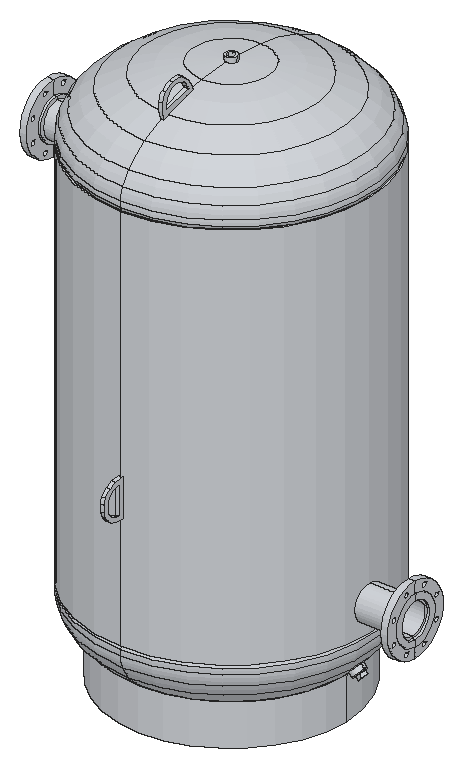
Revit family "HBT-300-4", category Generic Models, Revit 2014
Parameters (values of type "HBT-300- 4")
  URL = "http://westank.com/"
  Tank Volume = 300.00 gal
  Part Number = 55623000
  Model = "HBT-300-4"
  Maximum Shipping Weight = 781 lbf
  Flange Connector Diameter = 4"
  F = 30"
  E = 16 1/2"
  Description = "Description - Wessels ASME 2-Port Hot Water Buffer Tanks (HBT) are designed for use with today’s high efficiency systems that incorporate small modular low-mass boiler."
  D = 15"
  C = 44"
  B = 72"
  A = 36"
Reference planes (in)
  plane 1 "Center (Front/Back)": y = 0
  plane 2: z = 0
  plane 3 "Center (Left/Right)": x = 0
  plane 4: x = -15
  plane 5: x = 15
  plane 6: z = 0
  plane 7: z = 72
  plane 8: x = -18
  plane 9: x = 18
  plane 10: z = 16.5
  plane 11: z = 57
  plane 12: x = -22
  plane 13: x = 22
Forms (in)
  Revolve 1, solid
    sketch origin (0, -0.02461, 0) x (0, 1, 0) y (0, 0, 1)
      loop
        line (-17.97559, 11.40987) -> (-17.77585, 11.40987)
        arc (-17.77585, 11.40987) -> (-17.77901, 11.38745) -> (-17.78675, 11.36617) r 0.10832
        line (-17.78675, 11.36617) -> (-17.97559, 10.97899)
        arc (-17.97559, 10.97899) -> (-17.97692, 10.6034) -> (-17.93634, 10.23002) r 3.36112
        arc (-17.93634, 10.23002) -> (-17.83534, 9.45516) -> (-17.56075, 8.72359) r 3.4127
        arc (-17.56075, 8.72359) -> (-17.14884, 7.91952) -> (-16.63227, 7.17835) r 6.68364
        arc (-16.63227, 7.17835) -> (-15.41449, 5.9118) -> (-13.99078, 4.88214) r 9.83519
        arc (-13.99078, 4.88214) -> (-12.33964, 3.99029) -> (-10.62031, 3.23825) r 22.63963
        arc (-10.62031, 3.23825) -> (-7.74153, 2.33452) -> (-4.76815, 1.82164) r 22.63963
        arc (-4.76815, 1.82164) -> (-2.37465, 1.61295) -> (0.02461, 1.4865) r 70.02787
        line (0.02461, 1.4865) -> (0.02461, 1.65848)
        arc (0.02461, 1.65848) -> (-2.3657, 1.78462) -> (-4.75028, 1.99258) r 69.85599
        arc (-4.75028, 1.99258) -> (-7.70109, 2.50157) -> (-10.55801, 3.39844) r 22.46775
        arc (-10.55801, 3.39844) -> (-12.26429, 4.14477) -> (-13.9029, 5.02985) r 22.46775
        arc (-13.9029, 5.02985) -> (-15.30173, 6.04151) -> (-16.49823, 7.28593) r 9.66331
        arc (-16.49823, 7.28593) -> (-17.00303, 8.01057) -> (-17.40515, 8.79685) r 6.51177
        arc (-17.40515, 8.79685) -> (-17.66943, 9.50016) -> (-17.76465, 10.24543) r 3.24083
        arc (-17.76465, 10.24543) -> (-17.80397, 10.58906) -> (-17.80585, 10.93493) r 3.18924
        line (-17.80585, 10.93493) -> (-17.63227, 11.29083)
        arc (-17.63227, 11.29083) -> (-17.60804, 11.35818) -> (-17.59889, 11.42917) r 0.33041
        line (-17.59889, 11.42917) -> (-17.80365, 11.42917) -> (-17.80365, 62.07314) -> (-17.59889, 62.07314)
        arc (-17.59889, 62.07314) -> (-17.60804, 62.14413) -> (-17.63227, 62.21149) r 0.33041
        line (-17.63227, 62.21149) -> (-17.80585, 62.56739)
        arc (-17.80585, 62.56739) -> (-17.80397, 62.91325) -> (-17.76465, 63.25688) r 3.18924
        arc (-17.76465, 63.25688) -> (-17.66943, 64.00215) -> (-17.40515, 64.70547) r 3.24083
        arc (-17.40515, 64.70547) -> (-17.00303, 65.49175) -> (-16.49823, 66.21639) r 6.51177
        arc (-16.49823, 66.21639) -> (-15.30173, 67.4608) -> (-13.9029, 68.47247) r 9.66331
        arc (-13.9029, 68.47247) -> (-12.26429, 69.35755) -> (-10.55801, 70.10388) r 22.46775
        arc (-10.55801, 70.10388) -> (-7.70109, 71.00074) -> (-4.75028, 71.50973) r 22.46775
        arc (-4.75028, 71.50973) -> (-2.3657, 71.71769) -> (0.02461, 71.84383) r 69.85599
        line (0.02461, 71.84383) -> (0.02461, 72.01582)
        arc (0.02461, 72.01582) -> (-2.37465, 71.88936) -> (-4.76815, 71.68068) r 70.02787
        arc (-4.76815, 71.68068) -> (-7.74153, 71.16779) -> (-10.62031, 70.26407) r 22.63963
        arc (-10.62031, 70.26407) -> (-12.33964, 69.51203) -> (-13.99078, 68.62018) r 22.63963
        arc (-13.99078, 68.62018) -> (-15.41449, 67.59052) -> (-16.63227, 66.32397) r 9.83519
        arc (-16.63227, 66.32397) -> (-17.14884, 65.58279) -> (-17.56075, 64.77872) r 6.68364
        arc (-17.56075, 64.77872) -> (-17.83534, 64.04715) -> (-17.93634, 63.2723) r 3.4127
        arc (-17.93634, 63.2723) -> (-17.97692, 62.89891) -> (-17.97559, 62.52332) r 3.36112
        line (-17.97559, 62.52332) -> (-17.78675, 62.13614)
        arc (-17.78675, 62.13614) -> (-17.77901, 62.11486) -> (-17.77585, 62.09244) r 0.10832
        line (-17.77585, 62.09244) -> (-17.97559, 62.09244) -> (-17.97559, 11.40987)
      axis (0.02461, 1.4865) -> (0.02461, 72.01582)
    angle from 0 to 360
  Revolve 2, solid
    sketch origin (1.3301, 0, 3.24654) x (0.990017, 0, -0.140951) y (0.140951, 0, 0.990017)
      loop
        line (14.71753, 6.11956) -> (14.66586, 6.1556) -> (14.25436, 5.56561) -> (14.86992, 5.13627) -> (15.24588, 5.6753) -> (15.19462, 5.71106) -> (15.31904, 5.88945) -> (14.80641, 6.24699) -> (14.71753, 6.11956)
      axis (14.25436, 5.56561) -> (14.86992, 5.13627)
    angle from 0 to 360
  Extrusion 3, solid
    sketch origin (16.3437, -180, 7.27869) x (0.681658, 0, 0.731671) y (0, -1, 0)
      loop
        line (-0.16036, -179.52645) -> (-0.95521, -179.68698) -> (-0.79485, -180.48095) -> (0, -180.32042) -> (-0.16036, -179.52645)
    from 1.02698 to 1.52678
  Extrusion 4, solid
    sketch origin (0, -6.04905, 4.9833) x (0, 1, 0) y (0, 0, 1)
      loop
        line (-11.93439, 21.33067) -> (-11.93439, 26.202)
        arc (-11.93439, 26.202) -> (-12.47846, 26.15164) -> (-13.01533, 26.05008) r 5.77422
        arc (-13.01533, 26.05008) -> (-13.49297, 25.89754) -> (-13.94252, 25.67548) r 3.35288
        arc (-13.94252, 25.67548) -> (-14.34081, 25.36666) -> (-14.64962, 24.96837) r 2.0073
        arc (-14.64962, 24.96837) -> (-14.80343, 24.58932) -> (-14.88788, 24.18906) r 2.30742
        arc (-14.88788, 24.18906) -> (-14.91277, 23.77188) -> (-14.88788, 23.3547) r 3.50846
        arc (-14.88788, 23.3547) -> (-14.79412, 22.92876) -> (-14.61961, 22.52904) r 2.24053
        arc (-14.61961, 22.52904) -> (-14.27401, 22.08806) -> (-13.80999, 21.77406) r 1.8078
        arc (-13.80999, 21.77406) -> (-13.34321, 21.55591) -> (-12.84107, 21.44044) r 2.44481
        arc (-12.84107, 21.44044) -> (-12.39043, 21.36326) -> (-11.93439, 21.33067) r 4.65484
      loop
        arc (-12.44611, 25.63929) -> (-12.67227, 25.60073) -> (-12.89654, 25.55235) r 5.2625
        arc (-12.89654, 25.55235) -> (-13.30128, 25.42308) -> (-13.68221, 25.23491) r 2.84116
        arc (-13.68221, 25.23491) -> (-13.97364, 25.01013) -> (-14.20134, 24.72098) r 1.49558
        arc (-14.20134, 24.72098) -> (-14.3163, 24.43235) -> (-14.37979, 24.12821) r 1.7957
        arc (-14.37979, 24.12821) -> (-14.40106, 23.77188) -> (-14.37979, 23.41555) r 2.99674
        arc (-14.37979, 23.41555) -> (-14.30745, 23.08689) -> (-14.17279, 22.77846) r 1.72881
        arc (-14.17279, 22.77846) -> (-13.91552, 22.45353) -> (-13.56884, 22.22643) r 1.29608
        arc (-13.56884, 22.22643) -> (-13.1779, 22.0402) -> (-12.75531, 21.94566) r 1.9331
        arc (-12.75531, 21.94566) -> (-12.60126, 21.91347) -> (-12.44611, 21.88716) r 4.14312
        line (-12.44611, 21.88716) -> (-12.44611, 25.63929)
    from -0.24366 to 0.25634
  Extrusion 5, solid
    sketch origin (0, -28.53332, 53.09576) x (0, 0.284015, -0.95882) y (0, 0.95882, 0.284015)
      loop
        arc (-11.9298, 25.67102) -> (-12.15596, 25.63246) -> (-12.38023, 25.58408) r 5.2625
        arc (-12.38023, 25.58408) -> (-12.78497, 25.45482) -> (-13.16591, 25.26664) r 2.84116
        arc (-13.16591, 25.26664) -> (-13.45733, 25.04186) -> (-13.68503, 24.75271) r 1.49558
        arc (-13.68503, 24.75271) -> (-13.8, 24.46408) -> (-13.86349, 24.15994) r 1.7957
        arc (-13.86349, 24.15994) -> (-13.88475, 23.80361) -> (-13.86349, 23.44728) r 2.99674
        arc (-13.86349, 23.44728) -> (-13.79114, 23.11862) -> (-13.65649, 22.81019) r 1.72881
        arc (-13.65649, 22.81019) -> (-13.39922, 22.48527) -> (-13.05253, 22.25816) r 1.29608
        arc (-13.05253, 22.25816) -> (-12.66159, 22.07193) -> (-12.239, 21.97739) r 1.9331
        arc (-12.239, 21.97739) -> (-12.08496, 21.94521) -> (-11.9298, 21.91889) r 4.14312
        line (-11.9298, 21.91889) -> (-11.9298, 25.67102)
      loop
        line (-11.1798, 21.34267) -> (-11.1798, 26.18132)
        arc (-11.1798, 26.18132) -> (-12.12256, 26.16802) -> (-13.02719, 25.90227) r 3.48194
        arc (-13.02719, 25.90227) -> (-13.54727, 25.6041) -> (-13.99851, 25.20943) r 3.03185
        arc (-13.99851, 25.20943) -> (-14.28248, 24.55653) -> (-14.39992, 23.8543) r 2.91879
        arc (-14.39992, 23.8543) -> (-14.3348, 23.1787) -> (-14.08611, 22.54717) r 2.44012
        arc (-14.08611, 22.54717) -> (-13.716, 22.08641) -> (-13.21844, 21.76749) r 1.83162
        arc (-13.21844, 21.76749) -> (-12.2207, 21.45151) -> (-11.1798, 21.34267) r 5.1769
    from -0.24366 to 0.25634
  Extrusion 6, solid
    sketch origin (0, 0, 0) x (1, 0, 0) y (0, 1, 0)
      loop
        circle (0, 0) r 0.75
      loop
        circle (0, 0) r 0.5
    from 71.36613 to 72.49354
  Extrusion 7, void
    sketch origin (0, 0, 0) x (1, 0, 0) y (0, 1, 0)
      loop
        circle (0, 0) r 0.5
    from 70.90268 to 73.75579
  Revolve 8, solid
    sketch origin (0, 0, 0) x (1, 0, 0) y (0, 0, 1)
      loop
        line (14.82824, 5.43485) -> (14.82824, 0) -> (15, 0) -> (15, 5.43485) -> (14.82824, 5.43485)
      axis (0, 5.43485) -> (0, 0)
    angle from 0 to 360
  Extrusion 9, void
    sketch origin (0, 0, 0.25) x (0, 1, 0) y (0, 0, 1)
      loop
        circle (0, 56.75) r 2.013
    from -21.98599 to -13.85333
  Revolve 10, solid
    sketch origin (3.00177, 0, 2.00063) x (1, 0, 0) y (0, 0, 1)
      loop
        line (19.69342, 10.71448) -> (19.69342, 10.34302) -> (20.06842, 10.34302) -> (20.06842, 8.49937) -> (20.94342, 8.49937) -> (20.94342, 9.90557) -> (21.00592, 9.90557) -> (21.00592, 10.71448) -> (19.69342, 10.71448)
      axis (21.00592, 12.99938) -> (19.69342, 12.99938)
    angle from 0 to 360
  Revolve 11, solid
    sketch origin (3.60333, 0, 2.00258) x (-1, 0, 0) y (0, 0, 1)
      loop
        line (-13.77936, 10.98442) -> (-20.02936, 10.98442) -> (-20.02936, 10.74742) -> (-13.77936, 10.74742) -> (-13.77936, 10.98442)
      axis (-20.02936, 12.99742) -> (-13.77936, 12.99742)
    angle from 0 to 360
  Extrusion 12, void
    sketch origin (3.60333, 0.13917, 2.42009) x (0, 1, 0) y (0, 0, 1)
      loop
        circle (1.31209, 58.07334) r 0.39628
      loop
        circle (-1.59752, 58.05239) r 0.35446
      loop
        circle (-3.60064, 56.02885) r 0.37196
      loop
        circle (-3.60176, 53.15581) r 0.37384
      loop
        circle (-1.57745, 51.12459) r 0.38013
      loop
        circle (1.29991, 51.12707) r 0.36478
      loop
        circle (3.30375, 53.14031) r 0.36548
      loop
        circle (3.3087, 55.99586) r 0.3746
    from -29.12339 to -22.58932
  Revolve 13, solid
    sketch origin (-2.98639, 0, 44.00063) x (-1, 0, 0) y (0, 0, 1)
      loop
        line (19.69342, 10.71448) -> (19.69342, 10.34302) -> (20.06842, 10.34302) -> (20.06842, 8.49937) -> (20.94342, 8.49937) -> (20.94342, 9.90557) -> (21.00592, 9.90557) -> (21.00592, 10.71448) -> (19.69342, 10.71448)
      axis (21.00592, 12.99938) -> (19.69342, 12.99938)
    angle from 0 to 360
  Revolve 14, solid
    sketch origin (-3.58795, 0, 44.00258) x (1, 0, 0) y (0, 0, 1)
      loop
        line (-13.77936, 10.98442) -> (-20.02936, 10.98442) -> (-20.02936, 10.74742) -> (-13.77936, 10.74742) -> (-13.77936, 10.98442)
      axis (-20.02936, 12.99742) -> (-13.77936, 12.99742)
    angle from 0 to 360
  Extrusion 15, void
    sketch origin (0, 0, -41.75) x (0, 1, 0) y (0, 0, 1)
      loop
        circle (0, 56.75) r 2.013
    from 8.41111 to 31.01401
  Extrusion 16, void
    sketch origin (3.60333, 0.13917, -39.57991) x (0, 1, 0) y (0, 0, 1)
      loop
        circle (1.31209, 58.07334) r 0.39628
      loop
        circle (-1.59752, 58.05239) r 0.35446
      loop
        circle (-3.60064, 56.02885) r 0.37196
      loop
        circle (-3.60176, 53.15581) r 0.37384
      loop
        circle (-1.57745, 51.12459) r 0.38013
      loop
        circle (1.29991, 51.12707) r 0.36478
      loop
        circle (3.30375, 53.14031) r 0.36548
      loop
        circle (3.3087, 55.99586) r 0.3746
    from 15.80097 to 22.39667
Cuts and joins
  joined: Extrusion 3, Extrusion 4, Extrusion 5, Extrusion 6, Revolve 8
  Extrusion 7, Extrusion 9, Extrusion 12, Extrusion 15 cuts Revolve 1
  Extrusion 15 cuts Revolve 14
  Extrusion 12 cuts Revolve 13
  Extrusion 16 cuts Revolve 10
Dimensions and locks (in)
  "B": plane 7 to plane 6
  "A": plane 9 to plane 8
  equal spacing: plane 12, plane 3 "Center (Left/Right)", plane 13
  "C": plane 12 to plane 13
  "E": plane 10 to plane 6
  "D": plane 7 to plane 11
  "F": plane 5 to plane 4
  aligned and locked: plane 2 to level
Automatic sketch dimensions
  Revolve 1 sketch curve to Revolve 1 sketch curve = 0"  (x56)
  Revolve 1 sketch curve to plane 1 "Center (Front/Back)" = 0"  (x3)
  plane 1 "Center (Front/Back)" to Revolve 1 sketch curve = 2.43969"  (x2)
  Revolve 1 sketch curve to plane 10 = 3.16549"
  plane 1 "Center (Front/Back)" to Revolve 1 sketch curve = 8.98663"  (x2)
  plane 11 to Revolve 1 sketch curve = 3.16781"
  Revolve 1 sketch curve to Revolve 1 sketch curve = 2.45782"  (x2)
  Revolve 1 sketch curve to Revolve 1 sketch curve = 3.10417"  (x2)
  Revolve 1 sketch curve to Revolve 1 sketch curve = 0.0964"  (x2)
  Revolve 1 sketch curve to Revolve 1 sketch curve = 2.97849"  (x2)
  plane 11 to Revolve 1 sketch curve = 5.21149"
  Revolve 1 sketch curve to Revolve 1 sketch curve = 0.03338"  (x2)
  Revolve 1 sketch curve to plane 10 = 5.20917"
  Revolve 1 sketch curve to Revolve 1 sketch curve = 0.17696"  (x2)
  Revolve 1 sketch curve to plane 10 = 5.13383"
  Revolve 1 sketch curve to Revolve 1 sketch curve = 0.0109"  (x2)
  plane 11 to Revolve 1 sketch curve = 5.13614"
  Revolve 1 sketch curve to Revolve 1 sketch curve = 0.0278"
  plane 11 to Revolve 1 sketch curve = 5.56739"
  Revolve 1 sketch curve to Revolve 1 sketch curve = 0.17358"  (x2)
  Revolve 1 sketch curve to plane 10 = 5.56507"
  Revolve 1 sketch curve to Revolve 1 sketch curve = 0.08045"  (x2)
  Revolve 1 sketch curve to Revolve 1 sketch curve = 0.04514"  (x2)
  Revolve 1 sketch curve to Revolve 1 sketch curve = 0.04635"
  Revolve 1 sketch curve to plane 10 = 5.52101"
  Revolve 1 sketch curve to Revolve 1 sketch curve = 0.16974"  (x2)
  plane 11 to Revolve 1 sketch curve = 5.52332"
  Revolve 1 sketch curve to plane 7 = 0.52976"
  Revolve 1 sketch curve to plane 1 "Center (Front/Back)" = 2.48565"  (x2)
  Revolve 1 sketch curve to Revolve 1 sketch curve = 0.51151"
  Revolve 1 sketch curve to Revolve 1 sketch curve = 0.49854"  (x2)
  level to Revolve 1 sketch curve = 2.03208"
  level to Revolve 1 sketch curve = 1.65848"
  Revolve 1 sketch curve to Revolve 1 sketch curve = 0.17198"
  Revolve 1 sketch curve to Revolve 1 sketch curve = 1 249/256"  (x2)
  Revolve 1 sketch curve to Revolve 1 sketch curve = 0.0437"
  Revolve 1 sketch curve to Revolve 1 sketch curve = 0.0193"
  plane 10 to Revolve 1 sketch curve = 7.83865"
  Revolve 1 sketch curve to plane 11 = 7.83634"
  Revolve 1 sketch curve to Revolve 1 sketch curve = 0.0695"
  Revolve 1 sketch curve to Revolve 1 sketch curve = 0.02202"
  Revolve 1 sketch curve to Revolve 1 sketch curve = 0.64986"
  Revolve 1 sketch curve to plane 7 = 0.15617"
  plane 7 to Revolve 1 sketch curve = 0.01582"
  Revolve 1 sketch curve to plane 7 = 1.89612"
  level to Revolve 1 sketch curve = 3 51/128"
  Revolve 1 sketch curve to Revolve 1 sketch curve = 0.06229"  (x2)
  Revolve 1 sketch curve to Revolve 1 sketch curve = 0.90692"  (x2)
  Revolve 1 sketch curve to Revolve 1 sketch curve = 0.1556"  (x2)
  Revolve 1 sketch curve to Revolve 1 sketch curve = 4.55443"
  Revolve 1 sketch curve to Revolve 1 sketch curve = 3 3/4"
  plane 5 to Revolve 2 sketch curve = 1.22663"
  level to Revolve 2 sketch curve = 6.74742"
  Revolve 2 sketch curve to Revolve 2 sketch curve = 0.4115"
  Revolve 2 sketch curve to Revolve 2 sketch curve = 0.05167"
  Revolve 2 sketch curve to Revolve 2 sketch curve = 0.08888"
  Revolve 2 sketch curve to Revolve 2 sketch curve = 0.61556"
  Revolve 2 sketch curve to Revolve 2 sketch curve = 0.47709"
  Revolve 2 sketch curve to Revolve 2 sketch curve = 0.05126"
  Revolve 2 sketch curve to Revolve 2 sketch curve = 0.42934"
  Revolve 2 sketch curve to Revolve 2 sketch curve = 0.12768"
  Revolve 2 sketch curve to Revolve 2 sketch curve = 0"  (x2)
  Revolve 2 sketch curve to Revolve 2 sketch curve = 0.08905"
  plane 1 "Center (Front/Back)" to Extrusion 3 sketch curve = 0.31302"
  Extrusion 3 sketch curve to plane 1 "Center (Front/Back)" = 0.48095"
  Extrusion 3 sketch curve to Extrusion 3 sketch curve = 0.16036"  (x2)
  plane 1 "Center (Front/Back)" to Extrusion 3 sketch curve = 0.47355"
  Extrusion 3 sketch curve to Extrusion 3 sketch curve = 0.79485"
  Extrusion 3 sketch curve to plane 1 "Center (Front/Back)" = 0.32042"
  Extrusion 4 sketch curve to Extrusion 4 sketch curve = 0"  (x24)
  plane 1 "Center (Front/Back)" to Extrusion 4 sketch curve = 19.09014"
  Extrusion 4 sketch curve to Extrusion 4 sketch curve = 0.11966"
  Extrusion 4 sketch curve to Extrusion 4 sketch curve = 0.25819"
  Extrusion 4 sketch curve to Extrusion 4 sketch curve = 17/256"
  Extrusion 4 sketch curve to Extrusion 4 sketch curve = 0.04958"
  Extrusion 4 sketch curve to Extrusion 4 sketch curve = 0.15073"
  Extrusion 4 sketch curve to Extrusion 4 sketch curve = 0.20915"
  Extrusion 4 sketch curve to Extrusion 4 sketch curve = 131/256"
  Extrusion 4 sketch curve to Extrusion 4 sketch curve = 0.10338"
  Extrusion 4 sketch curve to Extrusion 4 sketch curve = 0.25955"
  Extrusion 4 sketch curve to Extrusion 4 sketch curve = 1.14294"
  plane 10 to Extrusion 4 sketch curve = 8.91692"
  Extrusion 4 sketch curve to Extrusion 4 sketch curve = 0.89706"
  Extrusion 4 sketch curve to Extrusion 4 sketch curve = 0.55648"
  Extrusion 4 sketch curve to Extrusion 4 sketch curve = 0.90165"
  Extrusion 4 sketch curve to Extrusion 4 sketch curve = 0.62139"
  Extrusion 4 sketch curve to Extrusion 4 sketch curve = 27/128"
  Extrusion 4 sketch curve to Extrusion 4 sketch curve = 0.15076"
  Extrusion 4 sketch curve to Extrusion 4 sketch curve = 0.24641"
  Extrusion 4 sketch curve to Extrusion 4 sketch curve = 0.04716"
  Extrusion 4 sketch curve to Extrusion 4 sketch curve = 0.0326"
  Extrusion 4 sketch curve to Extrusion 4 sketch curve = 1.7246"
  Extrusion 4 sketch curve to Extrusion 4 sketch curve = 0.34507"
  Extrusion 4 sketch curve to Extrusion 4 sketch curve = 0.21764"
  Extrusion 4 sketch curve to Extrusion 4 sketch curve = 1.12273"
  Extrusion 4 sketch curve to Extrusion 4 sketch curve = 0.78568"
  Extrusion 4 sketch curve to Extrusion 4 sketch curve = 0.24115"
  Extrusion 4 sketch curve to Extrusion 4 sketch curve = 0.2603"
  Extrusion 4 sketch curve to Extrusion 4 sketch curve = 0.60395"
  Extrusion 4 sketch curve to Extrusion 4 sketch curve = 0.51913"
  Extrusion 4 sketch curve to Extrusion 4 sketch curve = 0.44682"
  Extrusion 4 sketch curve to Extrusion 4 sketch curve = 0.44829"
  Extrusion 6 sketch curve to Extrusion 6 sketch curve = 0"  (x2)
  plane 1 "Center (Front/Back)" to Extrusion 6 sketch curve = 0"
  Extrusion 6 sketch curve to plane 3 "Center (Left/Right)" = 0"
  Extrusion 7 sketch curve to Extrusion 7 sketch curve = 0"  (x2)
  plane 1 "Center (Front/Back)" to Extrusion 7 sketch curve = 0"
  Extrusion 7 sketch curve to plane 3 "Center (Left/Right)" = 0"
  Extrusion 7 sketch curve to plane 3 "Center (Left/Right)" = 1/2"
  Revolve 8 sketch curve to plane 3 "Center (Left/Right)" = 0"
  Revolve 8 sketch curve to level = 0"
  Revolve 8 sketch curve to plane 5 = 0"
  Revolve 8 sketch curve to plane 5 = 0.17176"
  level to Revolve 8 sketch curve = 5.43485"
  level to Revolve 8 sketch curve = 4.69941"
  Revolve 8 sketch curve to Revolve 8 sketch curve = 1"
  Extrusion 9 sketch curve to Extrusion 9 sketch curve = 0"  (x2)
  Extrusion 9 sketch curve to plane 1 "Center (Front/Back)" = 0"
  Extrusion 9 sketch curve to plane 11 = 0"
  Extrusion 9 sketch curve to plane 11 = 2.013"
  Revolve 10 sketch curve to plane 13 = 0.69519"
  Revolve 10 sketch curve to plane 13 = 1.07019"
  Revolve 10 sketch curve to plane 13 = 1.94519"
  Revolve 10 sketch curve to plane 13 = 2.00769"
  Revolve 10 sketch curve to plane 10 = 6"
  Revolve 10 sketch curve to Revolve 10 sketch curve = 1.4062"
  Revolve 10 sketch curve to Revolve 10 sketch curve = 0.43745"
  Revolve 10 sketch curve to Revolve 10 sketch curve = 0.37146"
  Revolve 10 sketch curve to plane 10 = 1 1/2"
  plane 5 to Revolve 10 sketch curve = 3.10485"
  plane 5 to Revolve 10 sketch curve = 2.42207"
  plane 10 to Revolve 11 sketch curve = 1 1/2"
  plane 13 to Revolve 11 sketch curve = 1.63269"
  Revolve 11 sketch curve to plane 5 = 2.38269"
  plane 10 to Revolve 11 sketch curve = 3.513"
  Revolve 11 sketch curve to Revolve 11 sketch curve = 0.237"
  Revolve 11 sketch curve to plane 5 = 2.67226"
  Revolve 11 sketch curve to plane 5 = 2.31211"
  Extrusion 12 sketch curve to plane 11 = 1.4241"
  plane 1 "Center (Front/Back)" to Extrusion 12 sketch curve = 3.46259"
  Extrusion 12 sketch curve to Extrusion 12 sketch curve = 0.00112"
  plane 1 "Center (Front/Back)" to Extrusion 12 sketch curve = 1.45835"
  plane 1 "Center (Front/Back)" to Extrusion 12 sketch curve = 1.43828"
  Extrusion 12 sketch curve to plane 1 "Center (Front/Back)" = 1.43908"
  Extrusion 12 sketch curve to plane 1 "Center (Front/Back)" = 1.45126"
  Extrusion 12 sketch curve to Extrusion 12 sketch curve = 2.00385"
  plane 11 to Extrusion 12 sketch curve = 1.41595"
  Extrusion 12 sketch curve to Extrusion 12 sketch curve = 0.00495"
  Extrusion 12 sketch curve to plane 11 = 1.4396"
  Extrusion 12 sketch curve to Extrusion 12 sketch curve = 2.01324"
  Extrusion 12 sketch curve to Extrusion 12 sketch curve = 2.03122"
  plane 11 to Extrusion 12 sketch curve = 1.44894"
  Extrusion 12 sketch curve to Extrusion 12 sketch curve = 2.02355"
  Extrusion 12 sketch curve to Extrusion 12 sketch curve = 2.07748"
  Revolve 13 sketch curve to plane 12 = 0.67981"
  Revolve 13 sketch curve to plane 12 = 1.05481"
  Revolve 13 sketch curve to plane 12 = 1.92981"
  Revolve 13 sketch curve to plane 12 = 1.99231"
  plane 11 to Revolve 13 sketch curve = 4 1/2"
  Revolve 13 sketch curve to Revolve 13 sketch curve = 1.4062"
  Revolve 13 sketch curve to Revolve 13 sketch curve = 0.43745"
  Revolve 13 sketch curve to Revolve 13 sketch curve = 0.37146"
  Revolve 13 sketch curve to plane 11 = 0"
  plane 4 to Revolve 13 sketch curve = 3.08947"
  plane 4 to Revolve 13 sketch curve = 2.40669"
  Revolve 14 sketch curve to plane 11 = 0"
  plane 12 to Revolve 14 sketch curve = 1.61731"
  Revolve 14 sketch curve to plane 4 = 2.36731"
  Revolve 14 sketch curve to plane 11 = 2.013"
  Revolve 14 sketch curve to Revolve 14 sketch curve = 0.237"
  Revolve 14 sketch curve to plane 4 = 2.65688"
  Revolve 14 sketch curve to plane 4 = 2.29673"
  Extrusion 15 sketch curve to Extrusion 15 sketch curve = 0"  (x2)
  Extrusion 15 sketch curve to plane 1 "Center (Front/Back)" = 0"
  Extrusion 15 sketch curve to plane 10 = 1 1/2"
  Extrusion 15 sketch curve to plane 10 = 3.513"
  Extrusion 16 sketch curve to plane 10 = 2.9241"
  plane 1 "Center (Front/Back)" to Extrusion 16 sketch curve = 3.46259"
  Extrusion 16 sketch curve to Extrusion 16 sketch curve = 0.00112"
  plane 1 "Center (Front/Back)" to Extrusion 16 sketch curve = 1.45835"
  plane 1 "Center (Front/Back)" to Extrusion 16 sketch curve = 1.43828"
  Extrusion 16 sketch curve to plane 1 "Center (Front/Back)" = 1.43908"
  Extrusion 16 sketch curve to plane 1 "Center (Front/Back)" = 1.45126"
  Extrusion 16 sketch curve to plane 10 = 2.9396"
  Extrusion 16 sketch curve to Extrusion 16 sketch curve = 2.00385"
  Extrusion 16 sketch curve to Extrusion 16 sketch curve = 0.00495"
  Extrusion 16 sketch curve to Extrusion 16 sketch curve = 2.01324"
  Extrusion 16 sketch curve to Extrusion 16 sketch curve = 2.03122"
  Extrusion 16 sketch curve to plane 10 = 0.08405"
  Extrusion 16 sketch curve to plane 10 = 0.05106"
  Extrusion 16 sketch curve to Extrusion 16 sketch curve = 2.02355"
  Extrusion 16 sketch curve to Extrusion 16 sketch curve = 2.07748"
  Extrusion 5 sketch curve to plane 7 = 0.23736"
  plane 1 "Center (Front/Back)" to Extrusion 5 sketch curve = 9.61397"
  Extrusion 5 sketch curve to Extrusion 5 sketch curve = 0.03301"
  Extrusion 5 sketch curve to Extrusion 5 sketch curve = 0.08665"
  Extrusion 5 sketch curve to Extrusion 5 sketch curve = 0.34483"
  Extrusion 5 sketch curve to Extrusion 5 sketch curve = 17/256"
  Extrusion 5 sketch curve to Extrusion 5 sketch curve = 0.04958"
  Extrusion 5 sketch curve to Extrusion 5 sketch curve = 0.06885"
  Extrusion 5 sketch curve to Extrusion 5 sketch curve = 0.15073"
  Extrusion 5 sketch curve to Extrusion 5 sketch curve = 0.36028"
  Extrusion 5 sketch curve to Extrusion 5 sketch curve = 0.06601"
  Extrusion 5 sketch curve to Extrusion 5 sketch curve = 0.11815"
  Extrusion 5 sketch curve to Extrusion 5 sketch curve = 0.47821"
  Extrusion 5 sketch curve to Extrusion 5 sketch curve = 0.6151"
  Extrusion 5 sketch curve to Extrusion 5 sketch curve = 0.1349"
  Extrusion 5 sketch curve to Extrusion 5 sketch curve = 0.01521"
  Extrusion 5 sketch curve to Extrusion 5 sketch curve = 0.02126"
  Extrusion 5 sketch curve to Extrusion 5 sketch curve = 0.59588"
  Extrusion 5 sketch curve to Extrusion 5 sketch curve = 0.3061"
  Extrusion 5 sketch curve to Extrusion 5 sketch curve = 0.31529"
  Extrusion 5 sketch curve to Extrusion 5 sketch curve = 0.0954"
  Extrusion 5 sketch curve to Extrusion 5 sketch curve = 0.80625"
  Extrusion 5 sketch curve to Extrusion 5 sketch curve = 0.57623"
  Extrusion 5 sketch curve to Extrusion 5 sketch curve = 0.87732"
  Extrusion 5 sketch curve to Extrusion 5 sketch curve = 0.00686"
  Extrusion 5 sketch curve to Extrusion 5 sketch curve = 0.20406"
  Extrusion 5 sketch curve to Extrusion 5 sketch curve = 0.59172"
  Extrusion 5 sketch curve to Extrusion 5 sketch curve = 0.09548"
  Extrusion 5 sketch curve to Extrusion 5 sketch curve = 0.07607"
  Extrusion 5 sketch curve to Extrusion 5 sketch curve = 0.15093"
  Extrusion 5 sketch curve to Extrusion 5 sketch curve = 0.04716"
  Extrusion 5 sketch curve to Extrusion 5 sketch curve = 0.0326"
  Extrusion 5 sketch curve to Extrusion 5 sketch curve = 1.7246"
  Extrusion 5 sketch curve to Extrusion 5 sketch curve = 0.34507"
  Extrusion 5 sketch curve to Extrusion 5 sketch curve = 0.16523"
  Extrusion 5 sketch curve to Extrusion 5 sketch curve = 0.33822"
  Extrusion 5 sketch curve to Extrusion 5 sketch curve = 0"  (x6)
  Extrusion 5 sketch curve to Extrusion 5 sketch curve = 0.1659"
  Extrusion 5 sketch curve to Extrusion 5 sketch curve = 0.13872"
  Extrusion 5 sketch curve to Extrusion 5 sketch curve = 0.42962"
  Extrusion 5 sketch curve to Extrusion 5 sketch curve = 0.51913"
  Extrusion 5 sketch curve to Extrusion 5 sketch curve = 0.31348"
  radius of Extrusion 6 sketch curve = 3/4"
  radius of Extrusion 6 sketch curve = 1/2"
  radius of Extrusion 12 sketch curve = 0.39628"
  radius of Extrusion 12 sketch curve = 0.35446"
  radius of Extrusion 12 sketch curve = 0.37196"
  radius of Extrusion 12 sketch curve = 0.37384"
  radius of Extrusion 12 sketch curve = 0.38013"
  radius of Extrusion 12 sketch curve = 0.36478"
  radius of Extrusion 12 sketch curve = 0.36548"
  radius of Extrusion 12 sketch curve = 0.3746"
  radius of Extrusion 16 sketch curve = 0.39628"
  radius of Extrusion 16 sketch curve = 0.35446"
  radius of Extrusion 16 sketch curve = 0.37196"
  radius of Extrusion 16 sketch curve = 0.37384"
  radius of Extrusion 16 sketch curve = 0.38013"
  radius of Extrusion 16 sketch curve = 0.36478"
  radius of Extrusion 16 sketch curve = 0.36548"
  radius of Extrusion 16 sketch curve = 0.3746"
Connectors (in)
  piping at (24.00769, 0, 15.00001), diameter 4, driven by "Flange Connector Diameter"
    settings: on Revolve 10, index 1, connector inside diameter 24", connector length 0", flow factor 0, pipe flow 0 GPM, pressure drop 0.00 psi, fitting loss kfactor 0, connector angle 0.00°, fixture units 0, engagement length 0", angle of deflection 0.00°, flow configuration 0, flow direction 0, fitting loss method 0, system type 7, joint type 0, gender type 0, connector reference index -1, connector utility 0, adjustable connector no, is connector primary yes, connector description ""
  piping at (-23.99231, 0, 57.00001), diameter 4, driven by "Flange Connector Diameter"
    settings: on Revolve 13, index 2, connector inside diameter 24", connector length 0", flow factor 0, pipe flow 0 GPM, pressure drop 0.00 psi, fitting loss kfactor 0, connector angle 0.00°, fixture units 0, engagement length 0", angle of deflection 0.00°, flow configuration 0, flow direction 0, fitting loss method 0, system type 7, joint type 0, gender type 0, connector reference index -1, connector utility 0, adjustable connector no, is connector primary no, connector description ""
